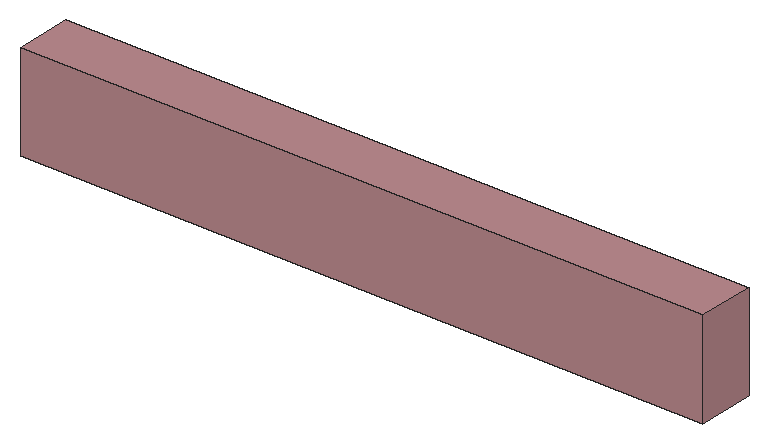
Revit family
Parameters (values of type "125 x 215mm Deep")
  Opening Width [instance] = 1210.0 mm
  Material Lintol = Masonry - Brick Soldier Course
  Lintol Width = 125.0 mm
  Lintol Offset from Ext = 25.0 mm
  Lintol Length [instance] = Opening Width + 2 * (Lintol Bearing)  # 1510.0 mm
  Lintol Depth = 215.0 mm
  Lintol Bearing = 150.0 mm
  Keynote = "F10"
  Height to U/S Lintol [instance] = 2110.0 mm
Types (2, lengths in mm): name | Lintol Depth
  125 x 215mm Deep | 215.0
  125 x 150mm Deep | 150.0
Reference planes
  plane 1 "Wall": y = -11.298
  plane 2 "Center (Left/Right)": x = 161.814
  plane 3 "Back": y = 138.702
  plane 4 "U/S Lintol": z = 2325
  plane 5: x = 766.814
  plane 6: x = -443.186
  plane 7: x = 916.814
  plane 8: x = -593.186
  plane 9: y = 163.702
  plane 10: y = 38.702
  plane 11: z = 2110
Forms (mm)
  Extrusion 1, void
    sketch origin (0, 138.702, 0) x (-1, 0, 0) y (0, 0, 1)
      loop
        line (-916.814, 2325) -> (-916.814, 2110) -> (593.186, 2110) -> (593.186, 2325) -> (-916.814, 2325)
    from 0 to -100
  Extrusion 2, solid, material "Masonry - Brick Soldier Course" <- "Material Lintol"
    sketch origin (0, 138.702, 0) x (1, 0, 0) y (0, 0, 1)
      loop
        line (916.814, 2325) -> (-593.186, 2325) -> (-593.186, 2110) -> (916.814, 2110) -> (916.814, 2325)
    from -25 to 100
Text (mm)
  text "Placement side" at (-1848.837, 1116.779, 0), in view "Ref. Level"
  text "Placement side" at (0, 1409.804, 2854.306), in view "Left"
  text "Placement side" at (0, 499.811, 2980.732), in view "Right"
Dimensions and locks
  locked: plane 3 "Back" to host wall
  equal spacing: plane 5, plane 2 "Center (Left/Right)", plane 6
  "Opening Width": plane 5 to plane 6
  "Lintol Bearing": plane 7 to plane 5
  "Lintol Bearing": plane 6 to plane 8
  "Lintol Offset from Ext": plane 3 "Back" to plane 9
  "Lintol Width": plane 10 to plane 9
  "Lintol Depth": plane 11 to plane 4 "U/S Lintol"
  "Height to U/S Lintol": level to plane 11
  aligned and locked: plane 1 "Wall" to host wall
  aligned and locked: Extrusion 1 to plane 10
  aligned and locked: host wall to Extrusion 1
  aligned and locked: plane 9 to Extrusion 2
  aligned and locked: Extrusion 2 to plane 10
Automatic sketch dimensions
  Extrusion 1 sketch curve to plane 7 = 0.0 mm
  Extrusion 1 sketch curve to plane 8 = 0.0 mm
  Extrusion 1 sketch curve to plane 11 = 0.0 mm
  Extrusion 1 sketch curve to plane 4 "U/S Lintol" = 0.0 mm
  Extrusion 2 sketch curve to plane 4 "U/S Lintol" = 0.0 mm
  Extrusion 2 sketch curve to plane 8 = 0.0 mm
  Extrusion 2 sketch curve to plane 7 = 0.0 mm
  Extrusion 2 sketch curve to plane 11 = 0.0 mm
